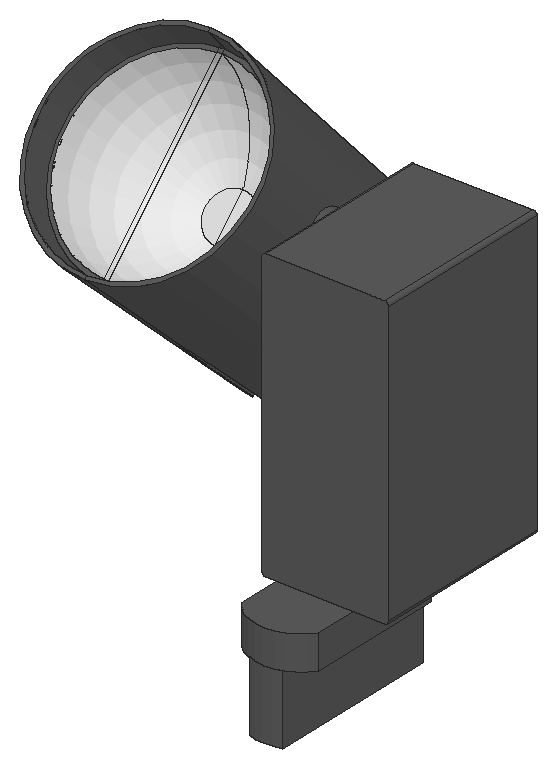
Revit family "0004950 Feilo Sylvania Lighting Fixture START TRACK SPOT S DALI 2087LM 940 WB BLK", category Lighting Fixtures, host Face, Revit 2017 (continued)
Definition of nested family "Start Track Spot Head"
  Types (96, lengths in mm): name | Wattage | built-in parameter 1150134 | Photometric Web File | Model | built-in parameter 1150105 | Lumens | built-in parameter 1150107 | built-in parameter 1150106 | HeadThickness_FEILO | HeadRibOffset_FEILO | HeadRibDepth_FEILO | HeadRibCutWidth_FEILO | HeadRibCutOffset_FEILO | HeadReflectorRadius_FEILO | HeadReflectorOffset_FEILO | HeadLEDRadius_FEILO | HeadHeight_FEILO | HeadDiffusorOffset_FEILO | HeadDiaOut_FEILO | HeadDiaIn_FEILO | HeadAxisFromTop_FEILO | Emit from Circle Diameter | built-in parameter 1150104 | Description | Apparent Load
    0004812 START TRACK SPOT S 14W 3K RA80 MB WHITE | 14 W | (empty or 0) | "0004812.ies" | "START TRACK SPOT S 14W 3K RA80 MB WHITE" | 120.32 (stored number, unit not read) | 1512 lm | 3000 (stored number, unit not read) | 1.2032 (stored number, unit not read) | 1.5 | 4.179 | 55.714 | 7.167 | 50.87 | 50.588 | 55.714 | 9.556 | 117 | 9.435 | 86 | 77.477 | 69.354 | 77.477 | 10.034 (stored number, unit not read) | "Integrated LED spotlight, Textured White - RAL9016, compact and minimalist design, ideal for retail applications, die-cast aluminium body, passive cooling heatsink. Beam angle: 36°, color temperature: 3000K , total system power: 14W, total fixture output: 1508 lm, LOR: 100%, colour rendering: Ra: 80 typical, LED Chromaticity: 3 step MacAdam ellipse, lifetime: >50000 hours at L70B50, energy class: A++, A+, A, IR/UV free light source without heat radiation, operating voltage: 220-240V / 50-60Hz, drive current: 350mA, electronic driver, non-dimmable, power factor: 0.92, electrical protection: Class II, Global Track 3 Phase adapter suitable for Global trac 3-circuit tracks, ingress protection rating: IP20, suitable for internal environment only, horizontal rotation: 355°, vertical tilt: 90°, dimensions: Ø86x140x200, weight: 0.940kg." | 14 VA
    0004811 START TRACK SPOT S 14W 3K RA80 NB WHITE | 14 W | (empty or 0) | "0004811.ies" | "START TRACK SPOT S 14W 3K RA80 NB WHITE" | 123.66 (stored number, unit not read) | 1554 lm | 3000 (stored number, unit not read) | 1.2366 (stored number, unit not read) | 1.5 | 4.179 | 55.714 | 7.167 | 50.87 | 50.588 | 55.714 | 9.556 | 117 | 9.435 | 86 | 77.477 | 69.354 | 77.477 | 10.312 (stored number, unit not read) | "Integrated LED spotlight, Textured White - RAL9016, compact and minimalist design, ideal for retail applications, die-cast aluminium body, passive cooling heatsink. Beam angle: 12°, color temperature: 3000K , total system power: 14W, total fixture output: 1551 lm, LOR: 100%, colour rendering: Ra: 80 typical, LED Chromaticity: 3 step MacAdam ellipse, lifetime: >50000 hours at L70B50, energy class: A++, A+, A, IR/UV free light source without heat radiation, operating voltage: 220-240V / 50-60Hz, drive current: 350mA, electronic driver, non-dimmable, power factor: 0.92, electrical protection: Class II, Global Track 3 Phase adapter suitable for Global trac 3-circuit tracks, ingress protection rating: IP20, suitable for internal environment only, horizontal rotation: 355°, vertical tilt: 90°, dimensions: Ø86x140x200, weight: 0.940kg." | 14 VA
  Reference planes
    plane 1 "Center (Front/Back)": y = 0
    plane 2: z = 0
    plane 3 "Center (Left/Right)": x = 0
    plane 4: x = 43
    plane 5: x = -43
    plane 6: x = -38.739
    plane 7: x = 38.739
    plane 8: z = 69.354
    plane 9: z = -47.646
    plane 10: x = -41.5
    plane 11: x = -37.239
    plane 12: z = -38.211
    plane 13: z = -35.211
    plane 14: z = 8.068
    plane 15: x = -9.556
    plane 16: x = -28.667
    plane 17: x = -19.111
    plane 18: x = -27.167
    plane 19: x = -17.611
    plane 20: x = -8.056
    plane 21: z = 13.64
    plane 22: x = -29.667
    plane 23: x = -26.167
    plane 24: x = -20.111
    plane 25: x = -16.611
    plane 26: x = -10.556
    plane 27: x = -7.056
    plane 28: x = -36.239
    plane 29: x = -40.5
    plane 30: z = 65.175
    plane 31: z = 60.997
    plane 32: z = 56.818
    plane 33: z = 18.484
    plane 34: y = -43
    plane 35: y = 43
    plane 36: y = 3.583
    plane 37: y = -3.583
    plane 38: y = -2.583
    plane 39: y = 2.583
    plane 40: y = 46
    plane 41: z = 13.5
    plane 42: z = -13.5
    plane 43: y = 39
    plane 44: x = 4.708
    plane 45: x = -2.458
    plane 46: x = -1.458
    plane 47: x = 1.458
  Forms (mm)
    Extrusion 1, solid
      sketch origin (4.2, 0, 0) x (1, 0, 0) y (0, 1, 0)
        loop
          line (-1219.2, 1219.2) -> (-1219.2, -1219.2) -> (1219.2, -1219.2) -> (1219.2, 1219.2) -> (-1219.2, 1219.2)
      from 0 to -68.017
    Revolve 2, solid, material <- "Material_1_FEILO", detail levels medium+fine
      sketch origin (0, 0, 0) x (1, 0, 0) y (0, 0, 1)
        loop
          line (-43, -47.646) -> (-41.5, -47.646) -> (-40.5, -35.211) -> (-38.739, -35.211)
          arc (-38.739, -35.211) -> (-30.16, -9.517) -> (-9.556, 8.068) r 50.588
          line (-9.556, 8.068) -> (0, 8.068) -> (0, 13.64) -> (-16.611, 13.64) -> (-17.611, 60.997) -> (-19.111, 60.997) -> (-20.111, 13.64) -> (-36.239, 13.64) -> (-37.239, 69.354) -> (-38.739, 69.354) -> (-43, -47.646)
        axis (0, 69.354) -> (0, -47.646)
      angle from 360 to 0
    Extrusion 3, void
      sketch origin (0, 0, 0) x (0, 1, 0) y (0, 0, 1)
        loop
          line (-3.583, 69.354) -> (-2.583, 18.484) -> (1.932, 18.484) -> (2.932, 69.354) -> (-3.583, 69.354)
      from 43 to -43
    Revolve 4, solid, material <- "Material_2_FEILO", detail levels medium+fine
      sketch origin (0, 0, 0) x (1, 0, 0) y (0, 0, 1)
        loop
          line (-41.5, -38.211) -> (0, -38.211) -> (0, -35.211) -> (-41.5, -35.211) -> (-41.5, -38.211)
        axis (0, -35.211) -> (0, -38.211)
      angle from 360 to 0
    Revolve 5, solid, material <- "Material_1_FEILO"
      sketch origin (0, 0, 0) x (0, 1, 0) y (0, 0, 1)
        loop
          line (46, 0) -> (39, 0) -> (39, -13.5) -> (46, -13.5) -> (46, 0)
        axis (39, 0) -> (46, 0)
      angle from 360 to 0
    Revolve 6, solid, material <- "Material_1_FEILO", detail levels medium+fine
      sketch origin (0, 0, 0) x (1, 0, 0) y (0, 0, 1)
        loop
          line (-29.667, 13.64) -> (-26.167, 13.64) -> (-27.167, 65.175) -> (-28.667, 65.175) -> (-29.667, 13.64)
        loop
          line (-10.556, 13.64) -> (-7.056, 13.64) -> (-7.833, 56.818) -> (-9.778, 56.818) -> (-10.556, 13.64)
        axis (0, 65.175) -> (0, 13.64)
      angle from 360 to 0
    Extrusion 7, void
      sketch origin (0, 0, 0) x (1, 0, 0) y (0, 0, 1)
        loop
          line (4.708, 69.354) -> (-2.458, 69.354) -> (-1.458, 13.64) -> (1.458, 13.64) -> (4.708, 69.354)
      from -43 to 43
    Revolve 8, solid, material <- "Material_1_FEILO", detail levels coarse
      sketch origin (0, 0, 0) x (1, 0, 0) y (0, 0, 1)
        loop
          line (0, 69.354) -> (-38.739, 69.354) -> (-43, -47.646) -> (-41.5, -47.646) -> (-40.731, -38.211) -> (0, -38.211) -> (0, 69.354)
        axis (0, 69.354) -> (0, -47.646)
      angle from 360 to 0
  Cuts and joins
    Extrusion 3 cuts Revolve 2
    Extrusion 7 cuts Revolve 6
  Dimensions and locks
    equal spacing: plane 7, plane 3 "Center (Left/Right)", plane 6
    equal spacing: plane 4, plane 3 "Center (Left/Right)", plane 5
    "HeadDiaOut_FEILO": plane 4 to plane 5
    "HeadDiaIn_FEILO": plane 7 to plane 6
    "HeadHeight_FEILO": plane 8 to plane 9
    "HeadThickness_FEILO": plane 10 to plane 5
    "HeadThickness_FEILO": plane 11 to plane 6
    "HeadDiffusorOffset_FEILO": plane 12 to plane 9
    "HeadDiffusorThickness_FEILO": plane 13 to plane 12
    "HeadReflectorOffset_FEILO": plane 14 to plane 9
    "HeadLEDRadius_FEILO": plane 3 "Center (Left/Right)" to plane 15
    "HeadLEDRadius_FEILO": plane 15 to plane 17
    "HeadLEDRadius_FEILO": plane 17 to plane 16
    "HeadThickness_FEILO": plane 18 to plane 16
    "HeadThickness_FEILO": plane 19 to plane 17
    "HeadThickness_FEILO": plane 20 to plane 15
    "HeadRibDepth_FEILO": plane 8 to plane 21
    "HeadDraft_FEILO": plane 16 to plane 22
    "HeadDraft_FEILO": plane 23 to plane 18
    "HeadDraft_FEILO": plane 17 to plane 24
    "HeadDraft_FEILO": plane 25 to plane 19
    "HeadDraft_FEILO": plane 15 to plane 26
    "HeadDraft_FEILO": plane 27 to plane 20
    "HeadDraft_FEILO": plane 29 to plane 10
    "HeadDraft_FEILO": plane 28 to plane 11
    "HeadRibOffset_FEILO": plane 8 to plane 30
    "HeadRibOffset_FEILO": plane 30 to plane 31
    "HeadRibOffset_FEILO": plane 31 to plane 32
    "HeadAxisFromTop_FEILO": plane 8 to plane 2
    "HeadRibCutOffset_FEILO": plane 8 to plane 33
    equal spacing: plane 34, plane 1 "Center (Front/Back)", plane 35
    "HeadDiaOut_FEILO": plane 34 to plane 35
    equal spacing: plane 38, plane 1 "Center (Front/Back)", plane 39
    equal spacing: plane 37, plane 1 "Center (Front/Back)", plane 36
    "HeadRibCutWidth_FEILO": plane 37 to plane 36
    "HeadDraft_FEILO": plane 37 to plane 38
    locked: plane 35 to plane 40 at 3
    equal spacing: plane 41, plane 2, plane 42
    locked: plane 42 to plane 41 at 27
    locked: plane 43 to plane 35 at 4
    equal spacing: plane 45, imposter light, plane 44
    "HeadDraft_FEILO": plane 46 to plane 45
    "HeadRibCutWidth_FEILO": plane 44 to plane 45
    equal spacing: plane 47, plane 3 "Center (Left/Right)", plane 46
    "HeadReflectorRadius_FEILO": radius of Revolve 2 sketch curve
    aligned and locked: plane 2 to Extrusion 1
    aligned and locked: level to Extrusion 1
    aligned and locked: Revolve 2 sketch curve to plane 3 "Center (Left/Right)"  (x2)
    aligned and locked: plane 9 to Revolve 2 sketch curve  (x2)
    aligned and locked: plane 5 to Revolve 2 sketch curve
    aligned and locked: plane 10 to Revolve 2 sketch curve
    aligned and locked: plane 14 to Revolve 2 sketch curve
    aligned and locked: plane 8 to Revolve 2 sketch curve
    aligned and locked: Revolve 2 sketch curve to plane 13
    aligned and locked: plane 12 to Revolve 4 sketch curve
    aligned and locked: plane 3 "Center (Left/Right)" to Revolve 4 sketch curve
    aligned and locked: Revolve 4 sketch curve to plane 10
    aligned and locked: Revolve 4 sketch curve to plane 3 "Center (Left/Right)"
    aligned and locked: plane 12 to imposter light
    aligned and locked: imposter light to plane 1 "Center (Front/Back)"
    aligned and locked: Revolve 5 sketch curve to plane 2
    aligned and locked: plane 43 to Revolve 5 sketch curve
    aligned and locked: plane 42 to Revolve 5 sketch curve
    aligned and locked: Revolve 6 sketch curve to plane 3 "Center (Left/Right)"
    aligned and locked: plane 22 to Revolve 6 sketch curve
    aligned and locked: plane 30 to Revolve 6 sketch curve
    aligned and locked: plane 23 to Revolve 6 sketch curve
    aligned and locked: Revolve 6 sketch curve to plane 21  (x2)
    aligned and locked: plane 21 to Revolve 6 sketch curve
    aligned and locked: plane 17 to Revolve 2 sketch curve
    aligned and locked: plane 19 to Revolve 2 sketch curve
    aligned and locked: plane 31 to Revolve 2 sketch curve
    aligned and locked: plane 21 to Revolve 2 sketch curve
    aligned and locked: Extrusion 3 to plane 8
    aligned and locked: plane 33 to Extrusion 3
    aligned and locked: plane 8 to Extrusion 3 sketch curve
    aligned and locked: Extrusion 3 sketch curve to plane 33
    aligned and locked: Extrusion 3 to plane 5
    aligned and locked: plane 4 to Extrusion 3
    aligned and locked: plane 32 to Revolve 6 sketch curve
    aligned and locked: plane 44 to Extrusion 7 sketch curve
    aligned and locked: Extrusion 7 sketch curve to plane 8
    aligned and locked: plane 46 to Extrusion 7 sketch curve
    aligned and locked: plane 21 to Extrusion 7 sketch curve
    aligned and locked: plane 34 to Extrusion 7
    aligned and locked: Extrusion 7 to plane 35
    aligned and locked: Revolve 4 sketch curve to plane 13
    aligned and locked: Revolve 5 sketch curve to plane 40
    aligned and locked: Revolve 8 sketch curve to plane 3 "Center (Left/Right)"
    aligned and locked: Revolve 8 sketch curve to cut or joined group of Revolve 2, Extrusion 3  (x3)
    aligned and locked: plane 5 to Revolve 8 sketch curve
    aligned and locked: plane 3 "Center (Left/Right)" to Revolve 8 sketch curve
    aligned and locked: plane 12 to Revolve 8 sketch curve
  Automatic sketch dimensions
    Extrusion 1 sketch curve to Extrusion 1 sketch curve = 2438.4 mm  (x2)
    Extrusion 3 sketch curve to plane 37 = 0 mm
    Extrusion 3 sketch curve to plane 38 = 0 mm
    plane 39 to Extrusion 3 sketch curve = 0.651 mm
    Extrusion 3 sketch curve to plane 39 = 0.349 mm
    Revolve 6 sketch curve to plane 16 = 0 mm
    Revolve 6 sketch curve to plane 18 = 0 mm
    Revolve 6 sketch curve to plane 26 = 0 mm
    Revolve 6 sketch curve to plane 27 = 0 mm
    Revolve 6 sketch curve to plane 15 = 0.222 mm
    plane 9 to Revolve 6 sketch curve = 559.103 mm
    Revolve 6 sketch curve to plane 8 = 2535.555 mm
    plane 20 to Revolve 6 sketch curve = 0.222 mm
    Revolve 2 sketch curve to plane 29 = 0 mm
    Revolve 2 sketch curve to plane 6 = 0 mm  (x2)
    Revolve 2 sketch curve to plane 11 = 0 mm
    Revolve 2 sketch curve to plane 21 = 0 mm
    Revolve 2 sketch curve to plane 28 = 0 mm
    Revolve 2 sketch curve to plane 24 = 0 mm
    Revolve 2 sketch curve to plane 25 = 0 mm
    Revolve 2 sketch curve to plane 15 = 0 mm
    Revolve 2 sketch curve to Revolve 2 sketch curve = 557.155 mm
    Revolve 2 sketch curve to plane 8 = 2535.558 mm
    Extrusion 7 sketch curve to plane 45 = 0 mm
    Extrusion 7 sketch curve to plane 47 = 0 mm
    plane 9 to Revolve 4 sketch curve = 559.103 mm
    Revolve 4 sketch curve to plane 8 = 2535.555 mm
    Revolve 5 sketch curve to level = 0 mm
    plane 34 to Revolve 5 sketch curve = 1968.092 mm
    Revolve 5 sketch curve to plane 40 = 1405.763 mm
    Revolve 8 sketch curve to plane 6 = 0 mm
    Revolve 8 sketch curve to plane 29 = 0.231 mm
    plane 9 to Revolve 8 sketch curve = 559.103 mm
    Revolve 8 sketch curve to Revolve 8 sketch curve = 2535.555 mm
Definition of nested family "Start Track Spot Box"
  Parameters (values of type "Type Large White")
    URL = "http://www.feilosylvania.com"
    Type Image = (empty or 0)
    Type Comments = "n/a"
    Small_FEILO = no
    Material_3_FEILO = none
    Model = ""
    Manufacturer = "Feilo Sylvania"
    Keynote = ""
    Material_2_FEILO = none
    Description = ""
    Default Elevation = 1219.2 mm
    Cost = 0
    Material_1_FEILO = none
    BoxWidth_FEILO = 49 mm
    BoxStartAngle_FEILO [instance] = 0.00°
    BoxRadius_FEILO = 1.5 mm
    BoxHeight_FEILO = if(Small_FEILO, 112 mm, 136 mm)  # 136 mm
    BoxEndAngle_FEILO [instance] = BoxStartAngle_FEILO - 180.00°  # -180.00°
    BoxDepth_FEILO = if(Small_FEILO, 71.5 mm, 79 mm)  # 79 mm
    BoxAxisVerticalOffset_FEILO = 16 mm
    BoxAxisOffset_FEILO = BoxHeight_FEILO / 6.8  # 20 mm
    Assembly Code = ""
    Material_4_FEILO = none
  Types (4, lengths in mm): name | Small_FEILO | BoxHeight_FEILO | BoxDepth_FEILO | BoxAxisOffset_FEILO
    Type Large White | no | 136 | 79 | 20
    Type Small White | yes | 112 | 71.5 | 16.471
    Type Small Black | yes | 112 | 71.5 | 16.471
    Type Large Black | no | 136 | 79 | 20
  Reference planes
    plane 1 "Center (Front/Back)": y = 0
    plane 2: z = 0
    plane 3 "Center (Left/Right)": x = 0
    plane 4: x = 24.5
    plane 5: x = -24.5
    plane 6: y = 68
    plane 7: y = -68
    plane 8: z = 39.5
    plane 9: z = -39.5
    plane 10: y = -48
    plane 11: x = 30.5
    plane 12: x = 8.5
    plane 13: x = 21.5
    plane 14: y = 70
    plane 15: y = 72
    plane 16: x = 19.5
  Forms (mm)
    Extrusion 1, solid
      sketch origin (4.2, 0, 0) x (1, 0, 0) y (0, 1, 0)
        loop
          line (-1219.2, 1219.2) -> (-1219.2, -1219.2) -> (1219.2, -1219.2) -> (1219.2, 1219.2) -> (-1219.2, 1219.2)
      from 0 to -68.017
    Extrusion 2, solid, material <- "Material_1_FEILO"
      sketch origin (0, 0, 0) x (1, 0, 0) y (0, 1, 0)
        loop
          arc (-23, 68) -> (-24.061, 67.561) -> (-24.5, 66.5) r 1.5
          line (-24.5, 66.5) -> (-24.5, -66.5)
          arc (-24.5, -66.5) -> (-24.061, -67.561) -> (-23, -68) r 1.5
          line (-23, -68) -> (23, -68)
          arc (23, -68) -> (24.061, -67.561) -> (24.5, -66.5) r 1.5
          line (24.5, -66.5) -> (24.5, 66.5)
          arc (24.5, 66.5) -> (24.061, 67.561) -> (23, 68) r 1.5
          line (23, 68) -> (-23, 68)
      from -39.5 to 39.5
    Revolve 3, solid, not visible
      sketch origin (0, 0, 0) x (1, 0, 0) y (0, 1, 0)
        loop
          line (30.5, -48) -> (24.5, -48) -> (24.5, -68) -> (30.5, -68) -> (30.5, -48)
        axis (30.5, -48) -> (24.5, -48)
      angle from 0 <- "BoxStartAngle_FEILO" to -180 <- "BoxEndAngle_FEILO"
    Revolve 4, solid, material <- "Material_2_FEILO"
      sketch origin (0, 0, 0) x (1, 0, 0) y (0, 1, 0)
        loop
          line (8.5, 68) -> (19.5, 68) -> (19.5, 70) -> (21.5, 70) -> (21.5, 72) -> (8.5, 72) -> (8.5, 68)
        axis (8.5, 72) -> (8.5, 68)
      angle from 360 to 0
  Dimensions and locks
    equal spacing: plane 5, plane 3 "Center (Left/Right)", plane 4
    "BoxWidth_FEILO": plane 5 to plane 4
    equal spacing: plane 7, plane 1 "Center (Front/Back)", plane 6
    "BoxHeight_FEILO": plane 7 to plane 6
    equal spacing: plane 8, plane 2, plane 9
    "BoxDepth_FEILO": plane 8 to plane 9
    "BoxAxisOffset_FEILO": plane 7 to plane 10
    locked: plane 4 to plane 11 at 6
    "BoxAxisVerticalOffset_FEILO": plane 12 to plane 4
    locked: plane 12 to plane 13 at 13
    plane 6 to plane 14 to plane 15 = 2 mm locked, 2 mm locked
    locked: plane 12 to plane 16 at 11
    "BoxRadius_FEILO": radius of Extrusion 2 sketch curve  (x4)
    aligned and locked: plane 2 to Extrusion 1
    aligned and locked: level to Extrusion 1
    aligned and locked: plane 6 to Extrusion 2 sketch curve
    aligned and locked: plane 5 to Extrusion 2 sketch curve
    aligned and locked: Extrusion 2 sketch curve to plane 7
    aligned and locked: Extrusion 2 sketch curve to plane 4
    aligned and locked: Extrusion 2 to plane 8
    aligned and locked: plane 9 to Extrusion 2
    aligned and locked: Revolve 3 sketch curve to plane 10  (x2)
    aligned and locked: plane 11 to Revolve 3 sketch curve
    aligned and locked: Revolve 3 sketch curve to plane 4
    aligned and locked: plane 7 to Revolve 3 sketch curve
    aligned and locked: Revolve 4 sketch curve to plane 12
    aligned and locked: plane 6 to Revolve 4 sketch curve
    aligned and locked: plane 12 to Revolve 4 sketch curve
    aligned and locked: plane 15 to Revolve 4 sketch curve
    aligned and locked: Revolve 4 sketch curve to plane 13
    aligned and locked: Revolve 4 sketch curve to plane 14
    aligned and locked: Revolve 4 sketch curve to plane 16
    aligned and locked: Revolve 4 sketch curve to plane 6
  Automatic sketch dimensions
    Extrusion 1 sketch curve to Extrusion 1 sketch curve = 2438.4 mm  (x2)
    Revolve 3 sketch curve to plane 5 = 1499.5 mm
    plane 11 to Revolve 3 sketch curve = 1493.5 mm
    plane 15 to Revolve 4 sketch curve = 0 mm
    plane 7 to Revolve 4 sketch curve = 1456 mm
    Revolve 4 sketch curve to plane 15 = 1452 mm
